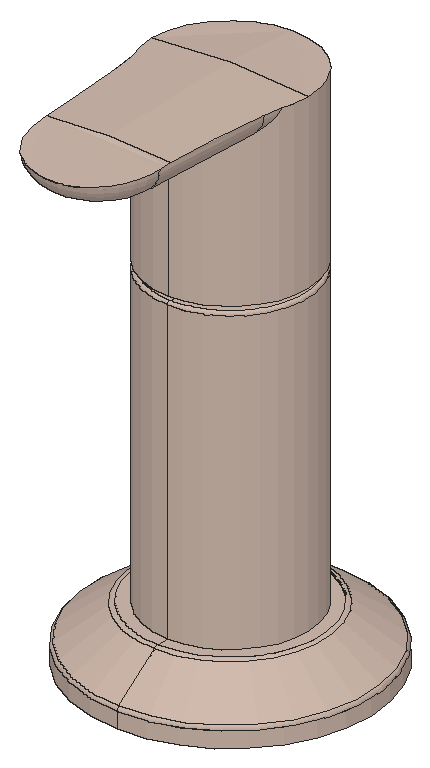
Revit family "Shower-Valve_Trim-KOHLER-July-K-16087IN-1", category Specialty Equipment, host Face, Revit 2021
Family settings
  Host = Face
  Round Connector Dimension = Use Diameter
  Part Type = Normal
  OmniClass Number = 23.31.25.00
  OmniClass Title = Toilet and Bath Specialties
  Cut with Voids When Loaded = No
  Shared = No
  Room Calculation Point = No
Parameters (values of type "RGD-Polished Rose Gold")
  Width = 2.20472"  # constant formula
  WaterSense Certified = 1 = 0  # no
  URL = "https://www.kohler.co.in/"
  Type = 5
  Product Page URL = ""
  Product Name = "July "  # constant formula
  Product Documentation Link = ""
  Model = if(Type = 1, "K-16087IN-4-AF", if(Type = 2, "K-16087IN-4-BV", if(Type = 3, "K-16087IN-4-BN", if(Type = 4, "K-16087IN-4-CP", if(Type = 5, "K-16087IN-4-RGD", if(Type = 6, "K-16087IN-4-PGD", "NA"))))))  # "K-16087IN-4-RGD"
  Material = "Premium Metal Construction"  # constant formula
  Master Format 2014 Name = "Toilet, Bath, and Laundry Accessories"  # constant formula
  Master Format 2014 = "10 28 00"  # constant formula
  Manufacturer Address = "Ambience Office Tower NH-8 Gurgaon / Gurugram Haryana , 122001"  # constant formula
  Manufacturer = "Kohler Co."  # constant formula
  Length = 3 57/128"  # constant formula
  Height = 2.20472"  # constant formula
  Handle Clearance = 1.77165"  # constant formula
  Finish = Kohler-Metal-RGD-Polished_Rose_Gold
  Environmental Product Declaration = ""
  Description = "Inline Stop Valve Trim"  # constant formula
  Default Elevation = 42"
  Declare Label = ""
  Date Modified = "05/19/2024"  # constant formula
  Date Created = "12/10/2020"  # constant formula
  Copyright = "Copyright Kohler Co."  # constant formula
  Contact Us = "https://www.kohler.co.in/contact-us"
  Assembly Code = "C1030200"
  ADA Compliant = 1 = 0  # no
Types (7): name | Type | Model | Finish
  (no name) | 5 | "K-16087IN-4-RGD" | Kohler-Metal-RGD-Polished_Rose_Gold
  AF-Vibrant French Gold | 1 | "K-16087IN-4-AF" | Kohler-Metal-AF-Vibrant_French_Gold
  BV-Brushed Bronze | 2 | "K-16087IN-4-BV" | Kohler-Metal-BV-Brushed_Bronze
  BN-Vibrant Brushed Nickel | 3 | "K-16087IN-4-BN" | Kohler-Metal-BN-Vibrant_Brushed_Nickel
  CP-Polished Chrome | 4 | "K-16087IN-4-CP" | Kohler-Metal-CP-Polished_Chrome
  RGD-Polished Rose Gold | 5 | "K-16087IN-4-RGD" | Kohler-Metal-RGD-Polished_Rose_Gold
  PGD-Modern Polished Gold | 6 | "K-16087IN-4-PGD" | Kohler-Metal-PGD-Modern_Polished_Gold
Reference planes (in)
  plane 1 "Center (Front/Back)": y = 0
  plane 2: z = 0
  plane 3 "Center (Left/Right)": x = 0
  plane 4: y = 1.10236
  plane 5: x = -1.10236
  plane 6: x = 1.10236
  plane 7: y = -1.10236
  plane 8: y = -1.77165
  plane 9: z = 4.21014
  plane 10: z = 2.77609
  plane 11: z = 0.41769
Dimensions and locks (in)
  locked: plane 4 to plane 8 at 2.87402
  "Handle Clearance": plane 1 "Center (Front/Back)" to plane 8
  "Width": plane 5 to plane 6
  "Height": plane 7 to plane 4
  plane 9 to level = 4.21014"
  plane 10 to level = 2.77609"
  plane 4 to plane 7 = 2.20472"
  plane 11 to level = 0.41769"
  aligned and locked: plane 2 to host face
  aligned and locked: level to host face
  aligned and locked: plane 3 "Center (Left/Right)" to nested 1
  aligned and locked: plane 1 "Center (Front/Back)" to nested 1
  aligned and locked: plane 5 to nested 1
  aligned and locked: plane 7 to nested 1
  aligned and locked: level to nested 1
Automatic sketch dimensions
  host sketch curve to host sketch curve = 96"  (x2)
Nested families (in)
  nested 1: "K-16087IN" at (0, 0, 0.76428), type "K-16087IN"
Definition of nested family "K-16087IN"
  Parameters
    Material = none
    Default Elevation = 0"
  Reference planes (in)
    plane 1 "Center (Front/Back)": y = 0
    plane 2: z = 0
    plane 3 "Center (Left/Right)": x = 0
    plane 4: z = 3.44586
    plane 5: y = -1.77165
    plane 6: z = 0.43307
    plane 7: x = -1.10236
    plane 8: x = 1.10236
    plane 9: y = 1.10236
    plane 10: y = -1.10236
    plane 11: z = -0.76428
  Forms (in)
    Revolve 1, solid, material <- "Material", detail levels medium+fine
      sketch origin (0, 0, 0) x (0, 1, 0) y (0, 0, 1)
        loop
          line (0, 3.44586) -> (0, -0.76428) -> (1.10236, -0.76428) -> (1.10236, -0.64202)
          arc (1.10236, -0.64202) -> (1.09812, -0.62426) -> (1.0863, -0.61033) r 0.0393
          line (1.0863, -0.61033) -> (0.74226, -0.35802)
          arc (0.74226, -0.35802) -> (0.72571, -0.34951) -> (0.70733, -0.34658) r 0.05906
          line (0.70733, -0.34658) -> (0.61101, -0.34658) -> (0.61101, 1.98819)
          arc (0.61101, 1.98819) -> (0.60409, 2.00489) -> (0.58739, 2.01181) r 0.02362
          line (0.58739, 2.01181) -> (0.50713, 2.01181)
          arc (0.50713, 2.01181) -> (0.47945, 2.02515) -> (0.47266, 2.05512) r 0.03537
          line (0.47266, 2.05512) -> (0.61101, 2.05512) -> (0.61101, 3.44586) -> (0, 3.44586)
        axis (0, 3.44586) -> (0, -0.76428)
      angle from 0 to 360
    Sweep 2, solid, material <- "Material", detail levels medium+fine
      path origin (0, 0, 0) x (1, 0, 0) y (0, 1, 0)
        loop
          arc (-0.61101, 0) -> (-0.55939, -0.24565) -> (-0.53131, -0.49509) r 2.64353
          arc (-0.53131, -0.49509) -> (-0.50545, -0.90592) -> (-0.48107, -1.31684) r 115.51117
          arc (-0.48107, -1.31684) -> (0.01304, -1.77026) -> (0.48068, -1.28959) r 0.48127
          arc (0.48068, -1.28959) -> (0.49809, -0.82523) -> (0.54945, -0.36339) r 6.34258
          arc (0.54945, -0.36339) -> (0.57838, -0.18138) -> (0.61101, 0) r 9.02962
      profile origin (0.01304, -1.77026, 0) x (-0.028329, 0.999599, 0) y (0, 0, 1)
        loop
          line (0, 3.44586) -> (0, 3.41151)
          arc (0, 3.41151) -> (0.06287, 3.25972) -> (0.21466, 3.19685) r 0.21466
          line (0.21466, 3.19685) -> (0.34904, 3.19685) -> (0.34904, 3.44586) -> (0, 3.44586)
    Extrusion 3, solid, material <- "Material", detail levels medium+fine
      sketch origin (0, 0, 0) x (1, 0, 0) y (0, 1, 0)
        loop
          arc (0.13164, -1.2893) -> (0.14574, -0.86075) -> (0.18725, -0.43399) r 6.69162
          arc (0.18725, -0.43399) -> (0.46289, 0.0956) -> (0, 0.47266) r 0.47266
          arc (0, 0.47266) -> (-0.46309, 0.09464) -> (-0.18545, -0.43476) r 0.47266
          arc (-0.18545, -0.43476) -> (-0.15822, -0.86572) -> (-0.1326, -1.29678) r 115.86021
          arc (-0.1326, -1.29678) -> (0.00316, -1.42137) -> (0.13164, -1.2893) r 0.13223
      from 3.19685 to 3.44586
    Sweep 4, void
      path origin (0, 0, 0) x (0, 1, 0) y (0, 0, 1)
        loop
          arc (1.47605, 3.14504) -> (0.75319, 3.36989) -> (0, 3.44586) r 3.77167
          line (0, 3.44586) -> (-1.1811, 3.44586)
          arc (-1.1811, 3.44586) -> (-2.12196, 3.29838) -> (-2.97256, 2.8701) r 3.07489
      profile origin (0, -0.59055, 3.44586) x (0, 0, -1) y (1, 0, 0)
        loop
          arc (0.08879, -0.7311) -> (0.02349, 0.00757) -> (0.07127, 0.74759) r 4.8632
          line (0.07127, 0.74759) -> (-0.10806, 0.74759) -> (-0.10806, -0.7311) -> (0.08879, -0.7311)
    Extrusion 5, void
      sketch origin (0, 0, 0) x (1, 0, 0) y (0, 0, 1)
        loop
          circle (-0.00016, 3.00144) r 0.14407
      from -0.81094 to -0.48919
    Revolve 6, solid, material <- "Material", detail levels coarse
      sketch origin (0, 0, 0) x (0, 1, 0) y (0, 0, 1)
        loop
          line (0, -0.76428) -> (1.10236, -0.76428) -> (1.10236, -0.34658) -> (0.61101, -0.34658) -> (0.61101, 3.44586) -> (0, 3.44586) -> (0, -0.76428)
        axis (0, 3.44586) -> (0, -0.76428)
      angle from 0 to 360
    Extrusion 7, solid, material <- "Material", detail levels coarse
      sketch origin (0, 0, 0) x (0, 1, 0) y (0, 0, 1)
        loop
          line (0, 3.44586) -> (-1.77165, 3.44586) -> (-1.77165, 3.19184) -> (0, 3.19184) -> (0, 3.44586)
      from -0.4944 to 0.48476
    Revolve 8, solid, detail levels medium+fine
      sketch origin (0, 0, 0) x (0, 1, 0) y (0, 0, 1)
        loop
          line (0.48919, 3.00144) -> (0.59305, 3.00144) -> (0.59305, 3.14045) -> (0.48919, 3.14045) -> (0.48919, 3.00144)
        axis (0.48919, 3.00144) -> (0.59305, 3.00144)
      angle from 0 to 360
  Cuts and joins
    Sweep 4, Extrusion 5 cuts Revolve 1
    Sweep 4, Extrusion 5 cuts Sweep 2
    Sweep 4, Extrusion 5 cuts Extrusion 3
    joined: Revolve 1, Sweep 2, Extrusion 3
    joined: Revolve 6, Extrusion 7
  Lines and regions (in)
    Masking region 1
      outline origin (0, 0, 0) x (0, 1, 0) y (0, 0, 1)
        loop
          line (0.61101, 2.05512) -> (0.61101, 2.85741)
          arc (0.61101, 2.85741) -> (0.59491, 3.00146) -> (0.61101, 3.14551) r 0.65225
          line (0.61101, 3.14551) -> (0.61101, 3.35697)
          arc (0.61101, 3.35697) -> (0.60208, 3.38194) -> (0.57934, 3.39558) r 0.03937
          arc (0.57934, 3.39558) -> (0.43682, 3.4191) -> (0.29304, 3.43307) r 2.16641
          arc (0.29304, 3.43307) -> (0.09181, 3.44266) -> (-0.10964, 3.44586) r 6.34369
          line (-0.10964, 3.44586) -> (-1.35472, 3.44586)
          arc (-1.35472, 3.44586) -> (-1.54103, 3.43427) -> (-1.72446, 3.39968) r 1.50307
          arc (-1.72446, 3.39968) -> (-1.7688, 3.35863) -> (-1.75841, 3.29912) r 0.0632
          arc (-1.75841, 3.29912) -> (-1.66014, 3.22049) -> (-1.53746, 3.19242) r 0.28213
          line (-1.53746, 3.19242) -> (-0.8684, 3.19242)
          arc (-0.8684, 3.19242) -> (-0.6864, 3.11704) -> (-0.61101, 2.93504) r 0.25739
          line (-0.61101, 2.93504) -> (-0.61101, 2.05512) -> (-0.47266, 2.05512)
          arc (-0.47266, 2.05512) -> (-0.47945, 2.02515) -> (-0.50713, 2.01181) r 0.03537
          line (-0.50713, 2.01181) -> (-0.58739, 2.01181)
          arc (-0.58739, 2.01181) -> (-0.60409, 2.00489) -> (-0.61101, 1.98819) r 0.02362
          line (-0.61101, 1.98819) -> (-0.61101, -0.34658) -> (-0.70733, -0.34658)
          arc (-0.70733, -0.34658) -> (-0.72571, -0.34951) -> (-0.74226, -0.35802) r 0.05906
          line (-0.74226, -0.35802) -> (-1.0863, -0.61033)
          arc (-1.0863, -0.61033) -> (-1.09812, -0.62426) -> (-1.10236, -0.64202) r 0.0393
          line (-1.10236, -0.64202) -> (-1.10236, -0.76428) -> (0, -0.76428) -> (1.10236, -0.76428) -> (1.10236, -0.64202)
          arc (1.10236, -0.64202) -> (1.09812, -0.62426) -> (1.0863, -0.61033) r 0.0393
          line (1.0863, -0.61033) -> (0.74226, -0.35802)
          arc (0.74226, -0.35802) -> (0.72571, -0.34951) -> (0.70733, -0.34658) r 0.05906
          line (0.70733, -0.34658) -> (0.61101, -0.34658) -> (0.61101, 1.98819)
          arc (0.61101, 1.98819) -> (0.60409, 2.00489) -> (0.58739, 2.01181) r 0.02362
          line (0.58739, 2.01181) -> (0.50713, 2.01181)
          arc (0.50713, 2.01181) -> (0.47945, 2.02515) -> (0.47266, 2.05512) r 0.03537
          line (0.47266, 2.05512) -> (0.61101, 2.05512)
    Masking region 2
      outline origin (0, 0, 0) x (1, 0, 0) y (0, 0, 1)
        loop
          line (1.10236, -0.76428) -> (1.10236, -0.64407)
          arc (1.10236, -0.64407) -> (1.097, -0.62172) -> (1.08208, -0.60425) r 0.04921
          line (1.08208, -0.60425) -> (0.74088, -0.35636)
          arc (0.74088, -0.35636) -> (0.72661, -0.34909) -> (0.71079, -0.34658) r 0.05118
          line (0.71079, -0.34658) -> (0.61101, -0.34658) -> (0.61101, 1.99016)
          arc (0.61101, 1.99016) -> (0.60467, 2.00547) -> (0.58936, 2.01181) r 0.02165
          line (0.58936, 2.01181) -> (0.51793, 2.01181)
          arc (0.51793, 2.01181) -> (0.48884, 2.02479) -> (0.47908, 2.05512) r 0.03908
          line (0.47908, 2.05512) -> (0.61101, 2.05512) -> (0.61101, 3.3883)
          arc (0.61101, 3.3883) -> (0.60516, 3.40387) -> (0.5905, 3.41172) r 0.02362
          arc (0.5905, 3.41172) -> (0.33257, 3.43732) -> (0.07352, 3.44586) r 3.93067
          line (0.07352, 3.44586) -> (-0.04856, 3.44586)
          arc (-0.04856, 3.44586) -> (-0.32124, 3.43345) -> (-0.59166, 3.39632) r 3.00189
          arc (-0.59166, 3.39632) -> (-0.60554, 3.38821) -> (-0.61101, 3.37309) r 0.02362
          line (-0.61101, 3.37309) -> (-0.61101, 2.05512) -> (-0.47908, 2.05512)
          arc (-0.47908, 2.05512) -> (-0.48884, 2.02479) -> (-0.51793, 2.01181) r 0.03908
          line (-0.51793, 2.01181) -> (-0.58936, 2.01181)
          arc (-0.58936, 2.01181) -> (-0.60467, 2.00547) -> (-0.61101, 1.99016) r 0.02165
          line (-0.61101, 1.99016) -> (-0.61101, -0.34658) -> (-0.71079, -0.34658)
          arc (-0.71079, -0.34658) -> (-0.72661, -0.34909) -> (-0.74088, -0.35636) r 0.05118
          line (-0.74088, -0.35636) -> (-1.08211, -0.60428)
          arc (-1.08211, -0.60428) -> (-1.09701, -0.62172) -> (-1.10236, -0.64403) r 0.04913
          line (-1.10236, -0.64403) -> (-1.10236, -0.76428) -> (1.10236, -0.76428)
    Masking region 3
      outline origin (0, 0, 0) x (1, 0, 0) y (0, 1, 0)
        loop
          spline (-0.48761, -1.18771) -> (-0.48698, -1.19847) -> (-0.48635, -1.20922) -> (-0.48572, -1.21998) -> (-0.48508, -1.23074) -> (-0.48444, -1.2415) -> (-0.4838, -1.25226) -> (-0.48316, -1.26301) -> (-0.48251, -1.27377) -> (-0.48186, -1.28452) -> (-0.4812, -1.29527) -> (-0.48055, -1.30603) -> (-0.47989, -1.31678)
          arc (-0.47989, -1.31678) -> (-0.33043, -1.64005) -> (0.00052, -1.77165) r 0.48054
          arc (0.00052, -1.77165) -> (0.3405, -1.63017) -> (0.48051, -1.28959) r 0.48054
          spline (0.48051, -1.28959) -> (0.48054, -1.28101) -> (0.48057, -1.27244) -> (0.48062, -1.26387) -> (0.48067, -1.2553) -> (0.48074, -1.24672) -> (0.48081, -1.23815) -> (0.4809, -1.22957) -> (0.481, -1.221) -> (0.48111, -1.21242) -> (0.48123, -1.20384) -> (0.48136, -1.19527) -> (0.4815, -1.18669)
          arc (0.4815, -1.18669) -> (0.48486, -1.08663) -> (0.4915, -0.98673) r 3.04152
          arc (0.4915, -0.98673) -> (0.93701, -0.58071) -> (1.10236, -0.00107) r 1.10236
          arc (1.10236, -0.00107) -> (0.78035, 0.77862) -> (0.00137, 1.10236) r 1.10236
          arc (0.00137, 1.10236) -> (-0.77874, 0.78023) -> (-1.10236, 0.00073) r 1.10236
          arc (-1.10236, 0.00073) -> (-0.93988, -0.57604) -> (-0.49969, -0.98261) r 1.10236
          spline (-0.49969, -0.98261) -> (-0.49867, -0.9997) -> (-0.49765, -1.01679) -> (-0.49664, -1.03388) -> (-0.49562, -1.05097) -> (-0.49461, -1.06806) -> (-0.4936, -1.08515) -> (-0.4926, -1.10224) -> (-0.4916, -1.11934) -> (-0.49059, -1.13643) -> (-0.4896, -1.15352) -> (-0.4886, -1.17061) -> (-0.48761, -1.18771)
    symbolic lines, detail levels medium+fine
      curve 1: line (0, 0.47266, 2.05512) -> (0, -0.47266, 2.05512)
      curve 2: line (0, 0.50713, 2.01181) -> (0, -0.50713, 2.01181)
      curve 3: line (0.47908, 0, 2.05512) -> (-0.47908, 0, 2.05512)
      curve 4: line (0.51793, 0, 2.01181) -> (-0.51793, 0, 2.01181)
      curve 5: arc (-0.14422, 0, 3.00144) -> (-0.00016, 0, 2.85737) -> (0.14391, 0, 3.00144) r 0.14407
      curve 6: arc (0.14391, 0, 3.00144) -> (-0.00016, 0, 3.14551) -> (-0.14422, 0, 3.00144) r 0.14407
      curve 7: arc (0.49247, -0.96246, 0) -> (0.00489, 1.08112, 0) -> (-0.50116, -0.95796, 0) r 1.08113
      curve 8: arc (0.5382, -0.44063, 0) -> (-0.0038, 0.69555, 0) -> (-0.53335, -0.44648, 0) r 0.69556
      curve 9: arc (0.52659, -0.53312, 0) -> (0.0006, 0.74934, 0) -> (-0.52744, -0.53228, 0) r 0.74934
      curve 10: arc (0.5724, -0.21376, 0) -> (-0.02104, 0.61065, 0) -> (-0.55633, -0.25265, 0) r 0.61101
      curve 11: spline (0.5724, -0.21376, 0) -> (0.57036, -0.22621, 0) -> (0.56834, -0.23866, 0) -> (0.56633, -0.25112, 0) -> (0.56435, -0.26358, 0) -> (0.56238, -0.27604, 0) -> (0.56043, -0.2885, 0) -> (0.55849, -0.30097, 0) -> (0.55657, -0.31344, 0) -> (0.55467, -0.32591, 0) -> (0.55278, -0.33838, 0) -> (0.55092, -0.35086, 0) -> (0.54907, -0.36334, 0)
      curve 12: spline (-0.52981, -0.49499, 0) -> (-0.53007, -0.49094, 0) -> (-0.53034, -0.4869, 0) -> (-0.53061, -0.48286, 0) -> (-0.53089, -0.47881, 0) -> (-0.53118, -0.47477, 0) -> (-0.53147, -0.47073, 0) -> (-0.53177, -0.46669, 0) -> (-0.53207, -0.46264, 0) -> (-0.53238, -0.4586, 0) -> (-0.5327, -0.45456, 0) -> (-0.53302, -0.45052, 0) -> (-0.53335, -0.44648, 0)
      curve 13: arc (0.54907, -0.36334, 0) -> (0.5435, -0.40196, 0) -> (0.5382, -0.44063, 0) r 5.75249
      curve 14: arc (-0.49969, -0.98261, 0) -> (-0.50043, -0.97028, 0) -> (-0.50116, -0.95796, 0) r 117.59418
      curve 15: arc (0.5382, -0.44063, 0) -> (0.5322, -0.48685, 0) -> (0.52659, -0.53312, 0) r 5.75249
      curve 16: arc (0.52659, -0.53312, 0) -> (0.50551, -0.74747, 0) -> (0.49247, -0.96246, 0) r 5.75249
      curve 17: arc (0.49247, -0.96246, 0) -> (0.49197, -0.97459, 0) -> (0.4915, -0.98673, 0) r 5.75249
      curve 18: arc (-0.50116, -0.95796, 0) -> (-0.51411, -0.74511, 0) -> (-0.52744, -0.53228, 0) r 117.59418
      curve 19: arc (-0.52744, -0.53228, 0) -> (-0.52862, -0.51364, 0) -> (-0.52981, -0.49499, 0) r 117.59418
      curve 20: spline (-0.53335, -0.44648, 0) -> (-0.53473, -0.43027, 0) -> (-0.5362, -0.41407, 0) -> (-0.53778, -0.39787, 0) -> (-0.53945, -0.38169, 0) -> (-0.54122, -0.36552, 0) -> (-0.54308, -0.34936, 0) -> (-0.54505, -0.33321, 0) -> (-0.54711, -0.31707, 0) -> (-0.54927, -0.30094, 0) -> (-0.55152, -0.28483, 0) -> (-0.55388, -0.26874, 0) -> (-0.55633, -0.25265, 0)
      curve 21: line (0, 0.61101, -0.34658) -> (0, -0.61101, -0.34658)
      curve 22: line (0, 1.0863, -0.61033) -> (0, -1.0863, -0.61033)
      curve 23: line (0, -1.10236, -0.64202) -> (0, 1.10236, -0.64202)
      curve 24: line (-0.61101, 0, -0.34658) -> (0.61101, 0, -0.34658)
      curve 25: line (-1.10236, 0, -0.64403) -> (1.10236, 0, -0.64403)
      curve 26: line (-1.08211, 0, -0.60428) -> (1.08211, 0, -0.60428)
  Dimensions and locks (in)
    locked: plane 1 "Center (Front/Back)" to plane 5 at 1.77165
    locked: plane 6 to level at 0.43307
    plane 7 to plane 8 = 2.20472"
    plane 10 to plane 9 = 2.20472"
    plane 4 to plane 11 = 4.21014"
    aligned and locked: plane 2 to level
